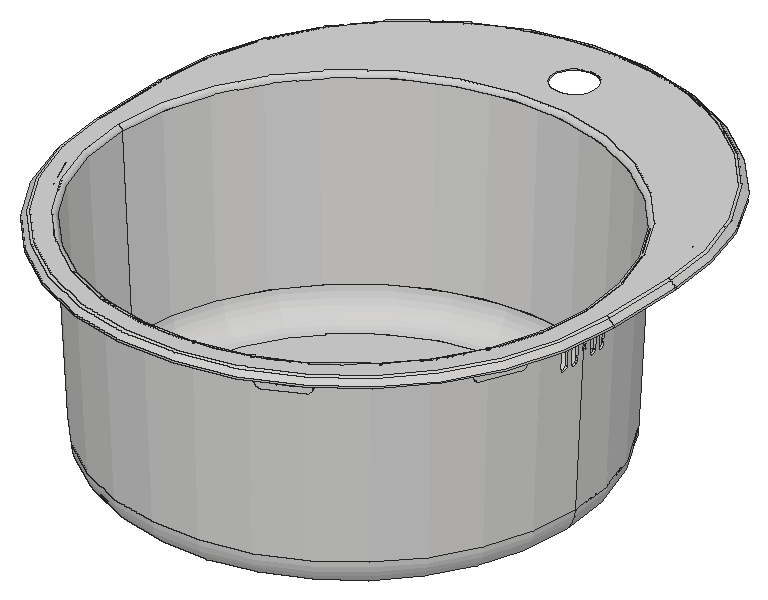
Revit family "Sink-Top_Undermount-Kitchen-KOHLER-EOLIA-K-3046T_1", category Plumbing Fixtures, host Face, Revit 2017
Family settings
  Host = Face
  Round Connector Dimension = Use Diameter
  Part Type = Normal
  OmniClass Number = 23.31.13.00
  OmniClass Title = Sinks
  Cut with Voids When Loaded = No
  Shared = No
  Room Calculation Point = No
Parameters (values of type "NA-Stainless Steel")
  Width = 17 83/256"  # constant formula
  WaterSense Certified = 1 = 0  # no
  Waste Water Outlet = "Waste Water Outlet"  # constant formula
  Waste Connection = 1 = 1  # yes
  Vent Connection = 1 = 0  # no
  Under Mount Height [instance] = if(Under Mount, 1 1/4", 0")  # 0"
  Under Mount [instance] = no
  URL = "http://www.kohler.com.cn/"
  Type = 1
  Top Mount [instance] = not(Under Mount)  # yes
  Product Page URL = ""
  Product Name = "EOLIA\r\n"  # constant formula
  Product Documentation Link = ""
  Model = "K-3046T-S-NA"  # constant formula
  Material = "Stainless Steel"  # constant formula
  Master Format 2014 Name = "Residential Lavatories and Sinks"  # constant formula
  Master Format 2014 = "22 41 16"  # constant formula
  Manufacturer Address = "Kohler Beijing Office (100016) 36-2-03-B, No. 88, Liuxiang Road, Beijing"  # constant formula
  Manufacturer = "KOHLER Co."  # constant formula
  Length = 19 113/128"  # constant formula
  Hot Water Inlet = "Hot Water Inlet"  # constant formula
  Height = 7 79/256"  # constant formula
  HW Connection = 1 = 0  # no
  Finish = Kohler-Metal-NA-Stainless
  Environmental Product Declaration = ""
  Drain Included = 1 = 0  # no
  Description = "ROUND SELF REMMING SINK"  # constant formula
  Default Elevation = 36"
  Declare Label = ""
  Date Modified = "10/29/2020"  # constant formula
  Date Created = "10/29/2020"  # constant formula
  Copyright = "Copyright KOHLER Co."  # constant formula
  Contact Us = "http://www.kohler.com.cn/contact/contact-us/"
  Cold Water Inlet = "Cold Water Inlet"  # constant formula
  CW Connection = 1 = 0  # no
  Assembly Code = "D2010400"
  ADA Compliant = 1 = 0  # no
Reference planes (in)
  plane 1 "Center (Front/Back)": y = 0
  plane 2: z = 0
  plane 3 "Center (Left/Right)": x = 0
  plane 4: y = -3.04285
  plane 5: y = 6.14172
  plane 6: y = -11.69304
  plane 7: z = 0.2525
  plane 8: z = -9.45498
  plane 9: x = -8.6628
  plane 10: y = 8.18977
  plane 11: x = 8.66142
  plane 12 "A": z = 0
  plane 13: z = -7.0561
  plane 14: y = -1.75554
  plane 15: y = 7.4803
  plane 16: y = -10.98426
  plane 17: x = 7.79528
  plane 18: x = -7.79528
  plane 19: y = -11.30279
  plane 20: y = 7.7917
  plane 21: x = 8.26772
  plane 22: x = -8.26772
Forms (in)
  Extrusion 1, void
    sketch origin (0, 0, 0) x (1, 0, 0) y (0, 1, 0)
      loop
        circle (0, -2.95147) r 7.75
    from 1.84834 to -0.9975
  Extrusion 2, void
    sketch origin (0, 0, 0) x (1, 0, 0) y (0, 1, 0)
      loop
        arc (8.66142, -0.47018) -> (0, 8.19124) -> (-8.66142, -0.47018) r 8.66142
        line (-8.66142, -0.47018) -> (-8.66142, -3.0315)
        arc (-8.66142, -3.0315) -> (0, -11.69291) -> (8.66142, -3.0315) r 8.66142
        line (8.66142, -3.0315) -> (8.66142, -0.47018)
    from 0.2525 to -12
Dimensions and locks (in)
  "Length": plane 6 to plane 10
  "Width": plane 9 to plane 11
  plane 10 to plane 5 = 2.04805"
  plane 3 "Center (Left/Right)" to plane 11 = 8.66142"
  plane 1 "Center (Front/Back)" to plane 10 = 8.18977"
  "Under Mount Height": level to plane 12 "A"
  plane 7 to plane 12 "A" = 0.2525"
  locked: plane 7 to plane 8 at 9.70748
  "Height": plane 7 to plane 13
  plane 14 to plane 6 = 9 15/16"
  plane 16 to plane 15 = 18.46457"
  plane 19 to plane 14 = 9.54724"
  aligned and locked: plane 2 to host face
  aligned and locked: level to host face
  aligned and locked: plane 12 "A" to nested 1
  aligned and locked: plane 7 to nested 1
  aligned and locked: Extrusion 2 to nested 1
Automatic sketch dimensions
  host sketch curve to host sketch curve = 96"  (x2)
  Extrusion 2 sketch curve to plane 3 "Center (Left/Right)" = 0"
  Extrusion 2 sketch curve to plane 11 = 0"
  plane 4 to Extrusion 2 sketch curve = 0.01135"
  plane 1 "Center (Front/Back)" to Extrusion 2 sketch curve = 0.47018"
  Extrusion 1 sketch curve to plane 3 "Center (Left/Right)" = 0"
  plane 4 to Extrusion 1 sketch curve = 0.09138"
  radius of Extrusion 1 sketch curve = 7 3/4"
Nested families (in)
  nested 1: "K-3046T" at (0, 0, 0), type "K-3046T"
Connectors (in)
  piping at (0, 0, -9.45498), diameter 1.5, driven by "Waste Connection", driven by "Waste Water Outlet"
    settings: on nested 1, index 1, connector inside diameter 24", connector length 0", flow factor 0, pipe flow 0 GPM, pressure drop 0.00 psi, fitting loss kfactor 0, connector angle 0.00°, fixture units 0, engagement length 0", angle of deflection 0.00°, flow configuration 0, flow direction 2, fitting loss method 0, system type 16, joint type 0, gender type 0, connector reference index -1, connector utility 1, adjustable connector no, is connector primary yes, connector description "Waste Water Outlet"
Definition of nested family "K-3046T"
  Parameters (values of type "K-3046T")
    Material = none
  Reference planes (in)
    plane 1 "Center (Front/Back)": y = 0
    plane 2: z = 0
    plane 3 "Center (Left/Right)": x = 0
    plane 4: x = 8.66142
    plane 5: y = -11.69291
    plane 6: y = -1.75157
    plane 7: y = 8.18977
    plane 8: z = -7.0575
    plane 9: x = -8.66142
    plane 10: y = 6.14172
    plane 11: y = -3.04285
    plane 12: z = -9.45498
    plane 13: z = 0.2525
    plane 14: z = 0
    plane 15: z = -9.32999
  Forms (in)
    Sweep 1, solid, material <- "Material", detail levels medium+fine
      path origin (0, 0, 0) x (1, 0, 0) y (0, 1, 0)
        loop
          circle (0, -3.04285) r 7.82576
      profile origin (0, 4.78291, 0) x (0, -1, 0) y (0, 0, 1)
        loop
          line (0.10545, 0.10068) -> (0.41837, -5.86409)
          arc (0.41837, -5.86409) -> (0.73599, -6.55299) -> (1.44058, -6.83409) r 1.02362
          line (1.44058, -6.83409) -> (5.37759, -6.83409) -> (5.37759, -6.79651) -> (1.44058, -6.79651)
          arc (1.44058, -6.79651) -> (0.76335, -6.52609) -> (0.4581, -5.86383) r 0.98425
          line (0.4581, -5.86383) -> (0.14508, 0.10274)
          arc (0.14508, 0.10274) -> (0.09622, 0.20873) -> (-0.01218, 0.25197) r 0.15748
          line (-0.01218, 0.25197) -> (-0.12445, 0.25197) -> (-0.12445, 0.2126) -> (-0.0125, 0.2126)
          arc (-0.0125, 0.2126) -> (0.0688, 0.18017) -> (0.10545, 0.10068) r 0.11811
    Sweep 2, solid, material <- "Material", detail levels medium+fine
      path origin (0, 0, 0) x (1, 0, 0) y (0, 1, 0)
        loop
          line (8.66142, -3.0315) -> (8.66142, -0.47244)
          arc (8.66142, -0.47244) -> (0, 8.18898) -> (-8.66142, -0.47244) r 8.66142
          line (-8.66142, -0.47244) -> (-8.66142, -3.0315)
          arc (-8.66142, -3.0315) -> (0, -11.69291) -> (8.66142, -3.0315) r 8.66142
      profile origin (0, -11.69291, 0) x (0, -1, 0) y (0, 0, 1)
        loop
          arc (-0.16177, 0.21738) -> (-0.20008, 0.24298) -> (-0.24528, 0.25197) r 0.11811
          line (-0.24528, 0.25197) -> (-0.3937, 0.25197) -> (-0.3937, 0.21325) -> (-0.24587, 0.21325)
          arc (-0.24587, 0.21325) -> (-0.21573, 0.20726) -> (-0.19019, 0.19019) r 0.07874
          line (-0.19019, 0.19019) -> (0, 0) -> (0, 0.05561) -> (-0.16177, 0.21738)
    Extrusion 3, solid, material <- "Material", detail levels medium+fine
      sketch origin (0, 0, 0) x (1, 0, 0) y (0, 1, 0)
        loop
          circle (0, -3.04285) r 2.44817
      from -6.83465 to -6.79651
    Extrusion 4, solid, material <- "Material", detail levels medium+fine
      sketch origin (0, 0, 0) x (1, 0, 0) y (0, 1, 0)
        loop
          circle (0, -3.04285) r 7.95021
        loop
          line (-8.30232, -0.47244) -> (-8.30232, -3.0315)
          arc (-8.30232, -3.0315) -> (0, -11.33381) -> (8.30232, -3.0315) r 8.30232
          line (8.30232, -3.0315) -> (8.30232, -0.47244)
          arc (8.30232, -0.47244) -> (0, 7.82988) -> (-8.30232, -0.47244) r 8.30232
      from 0.2126 to 0.25197
    Revolve 5, solid, material <- "Material", detail levels medium+fine
      sketch origin (0, 0, 0) x (0, 1, 0) y (0, 0, 1)
        loop
          line (0.14563, -6.83409) -> (0.24601, -6.83409)
          arc (0.24601, -6.83409) -> (0.30183, -6.78637) -> (0.26338, -6.7238) r 0.05651
          arc (0.26338, -6.7238) -> (0.13331, -6.69328) -> (0, -6.6844) r 0.81588
          line (0, -6.6844) -> (0, -7.67909) -> (1.39958, -7.67909)
          arc (1.39958, -7.67909) -> (1.47967, -7.64725) -> (1.51604, -7.56912) r 0.11665
          line (1.51604, -7.56912) -> (1.55427, -6.90237)
          arc (1.55427, -6.90237) -> (1.59109, -6.82326) -> (1.67218, -6.79103) r 0.11811
          line (1.67218, -6.79103) -> (1.7515, -6.79103) -> (1.7515, -6.75166) -> (1.67218, -6.75166)
          arc (1.67218, -6.75166) -> (1.56485, -6.79432) -> (1.5161, -6.89904) r 0.15633
          line (1.5161, -6.89904) -> (1.47909, -7.54443)
          arc (1.47909, -7.54443) -> (1.44282, -7.62235) -> (1.36296, -7.6541) r 0.11632
          line (1.36296, -7.6541) -> (0.28125, -7.6541) -> (0.28125, -7.50398) -> (0.14867, -7.50398) -> (0.14867, -7.22746) -> (0.18159, -7.22746) -> (0.18159, -6.9542) -> (0.14563, -6.9542) -> (0.14563, -6.83409)
        axis (0, -6.6844) -> (0, -7.67909)
      angle from 0 to 360
    Extrusion 6, void
      sketch origin (0, 0, 0) x (1, 0, 0) y (0, 1, 0)
        loop
          circle (0, 0) r 1.5748
      from -8.2208 to -5.1286
    Extrusion 7, void
      sketch origin (0, 0, 0) x (1, 0, 0) y (0, 1, 0)
        loop
          circle (0.62492, 0) r 0.09436
        loop
          circle (0.5412, 0.31246) r 0.09436
        loop
          circle (0.31246, 0.5412) r 0.09436
        loop
          circle (0, 0.62492) r 0.09436
        loop
          circle (-0.62492, 0) r 0.09436
        loop
          circle (-0.5412, 0.31246) r 0.09436
        loop
          circle (-0.31246, 0.5412) r 0.09436
        loop
          circle (0.5412, -0.31246) r 0.09436
        loop
          circle (0.31246, -0.5412) r 0.09436
        loop
          circle (0, -0.62492) r 0.09436
        loop
          circle (-0.5412, -0.31246) r 0.09436
        loop
          circle (-0.31246, -0.5412) r 0.09436
        loop
          circle (0.9499, 0) r 0.09556
        loop
          circle (0.90341, 0.29354) r 0.09556
        loop
          circle (0.29354, 0.90341) r 0.09556
        loop
          circle (0.76849, 0.55834) r 0.09556
        loop
          circle (0.55834, 0.76849) r 0.09556
        loop
          circle (0, 0.9499) r 0.09556
        loop
          circle (-0.9499, 0) r 0.09556
        loop
          circle (-0.90341, 0.29354) r 0.09556
        loop
          circle (-0.29354, 0.90341) r 0.09556
        loop
          circle (-0.76849, 0.55834) r 0.09556
        loop
          circle (-0.55834, 0.76849) r 0.09556
        loop
          circle (0.90341, -0.29354) r 0.09556
        loop
          circle (0.29354, -0.90341) r 0.09556
        loop
          circle (0.76849, -0.55834) r 0.09556
        loop
          circle (0.55834, -0.76849) r 0.09556
        loop
          circle (0, -0.9499) r 0.09556
        loop
          circle (-0.90341, -0.29354) r 0.09556
        loop
          circle (-0.29354, -0.90341) r 0.09556
        loop
          circle (-0.76849, -0.55834) r 0.09556
        loop
          circle (-0.55834, -0.76849) r 0.09556
        loop
          circle (1.28057, 0) r 0.09449
        loop
          circle (1.24775, 0.28807) r 0.09449
        loop
          circle (1.15097, 0.56137) r 0.09449
        loop
          circle (1.0015, 0.79465) r 0.09449
        loop
          circle (0.80589, 0.99519) r 0.09449
        loop
          circle (0.28807, 1.24775) r 0.09449
        loop
          circle (0, 1.28057) r 0.09449
        loop
          circle (0.56137, 1.15097) r 0.09449
        loop
          circle (1.24775, -0.28807) r 0.09449
        loop
          circle (1.15097, -0.56137) r 0.09449
        loop
          circle (1.0015, -0.79465) r 0.09449
        loop
          circle (0.80589, -0.99519) r 0.09449
        loop
          circle (0.28807, -1.24775) r 0.09449
        loop
          circle (0, -1.28057) r 0.09449
        loop
          circle (0.56137, -1.15097) r 0.09449
        loop
          circle (-1.28057, 0) r 0.09449
        loop
          circle (-1.24775, 0.28807) r 0.09449
        loop
          circle (-1.15097, 0.56137) r 0.09449
        loop
          circle (-1.0015, 0.79465) r 0.09449
        loop
          circle (-0.80589, 0.99519) r 0.09449
        loop
          circle (-0.28807, 1.24775) r 0.09449
        loop
          circle (-0.56137, 1.15097) r 0.09449
        loop
          circle (-1.24775, -0.28807) r 0.09449
        loop
          circle (-1.15097, -0.56137) r 0.09449
        loop
          circle (-1.0015, -0.79465) r 0.09449
        loop
          circle (-0.80589, -0.99519) r 0.09449
        loop
          circle (-0.28807, -1.24775) r 0.09449
        loop
          circle (-0.56137, -1.15097) r 0.09449
      from -7.98853 to -7.21898
    Revolve 8, solid, material <- "Material", detail levels medium+fine
      sketch origin (0, 0, 0) x (0, 1, 0) y (0, 0, 1)
        loop
          line (2.40517, -6.83409) -> (2.36482, -6.83409) -> (1.73078, -7.00398)
          arc (1.73078, -7.00398) -> (1.63842, -7.06569) -> (1.60271, -7.17088) r 0.17279
          line (1.60271, -7.17088) -> (1.60271, -8.03889)
          arc (1.60271, -8.03889) -> (1.57921, -8.12222) -> (1.51563, -8.181) r 0.15949
          line (1.51563, -8.181) -> (1.0669, -8.40964)
          arc (1.0669, -8.40964) -> (0.91989, -8.54553) -> (0.86555, -8.7382) r 0.36876
          line (0.86555, -8.7382) -> (0.86555, -9.30715)
          arc (0.86555, -9.30715) -> (0.84532, -9.356) -> (0.79647, -9.37624) r 0.06908
          line (0.79647, -9.37624) -> (0, -9.37624) -> (0, -9.45498) -> (0.79767, -9.45498)
          arc (0.79767, -9.45498) -> (0.90135, -9.41203) -> (0.94429, -9.30835) r 0.14662
          line (0.94429, -9.30835) -> (0.94429, -8.7382)
          arc (0.94429, -8.7382) -> (0.98703, -8.58667) -> (1.10265, -8.47979) r 0.29002
          line (1.10265, -8.47979) -> (1.55138, -8.25115)
          arc (1.55138, -8.25115) -> (1.64635, -8.16337) -> (1.68145, -8.03889) r 0.23823
          line (1.68145, -8.03889) -> (1.68145, -7.17088)
          arc (1.68145, -7.17088) -> (1.70089, -7.11363) -> (1.75116, -7.08003) r 0.09405
          line (1.75116, -7.08003) -> (2.25427, -6.94523)
          arc (2.25427, -6.94523) -> (2.34021, -6.90389) -> (2.40517, -6.83409) r 0.25714
        axis (0, -6.83409) -> (0, -9.45498)
      angle from 0 to 360
    Extrusion 9, void
      sketch origin (0, 0, 0) x (1, 0, 0) y (0, 1, 0)
        loop
          circle (0, 6.14172) r 0.68898
      from 0 to 1.9685
    Extrusion 10, void
      sketch origin (0, 0, 0) x (0, 1, 0) y (0, 0, 1)
        loop
          line (-3.93701, -0.65298) -> (-3.93701, -1.20416)
          arc (-3.93701, -1.20416) -> (-3.8189, -1.32228) -> (-3.70079, -1.20416) r 0.11811
          line (-3.70079, -1.20416) -> (-3.70079, -0.65298)
          arc (-3.70079, -0.65298) -> (-3.8189, -0.53487) -> (-3.93701, -0.65298) r 0.11811
        loop
          line (-3.54331, -0.65298) -> (-3.54331, -1.20416)
          arc (-3.54331, -1.20416) -> (-3.4252, -1.32228) -> (-3.30709, -1.20416) r 0.11811
          line (-3.30709, -1.20416) -> (-3.30709, -0.65298)
          arc (-3.30709, -0.65298) -> (-3.4252, -0.53487) -> (-3.54331, -0.65298) r 0.11811
        loop
          circle (-3.04285, -0.92967) r 0.09843
        loop
          arc (-2.14869, -0.65298) -> (-2.2668, -0.53487) -> (-2.38491, -0.65298) r 0.11811
          line (-2.38491, -0.65298) -> (-2.38491, -1.20416)
          arc (-2.38491, -1.20416) -> (-2.2668, -1.32228) -> (-2.14869, -1.20416) r 0.11811
          line (-2.14869, -1.20416) -> (-2.14869, -0.65298)
        loop
          arc (-2.54239, -0.65298) -> (-2.6605, -0.53487) -> (-2.77861, -0.65298) r 0.11811
          line (-2.77861, -0.65298) -> (-2.77861, -1.20416)
          arc (-2.77861, -1.20416) -> (-2.6605, -1.32228) -> (-2.54239, -1.20416) r 0.11811
          line (-2.54239, -1.20416) -> (-2.54239, -0.65298)
      from 6.90604 to 9.47475
    Extrusion 11, solid, material <- "Material", detail levels medium+fine
      sketch origin (-2.70739, 2.55391, 0) x (-0.388871, 0.921292, 0) y (0, 0, 1)
        loop
          line (-5.41122, -0.34885) -> (-5.41122, 0.21325) -> (-6.98602, 0.21325) -> (-6.98602, -0.34834)
          arc (-6.98602, -0.34834) -> (-6.93139, -0.48024) -> (-6.79948, -0.53487) r 0.18654
          line (-6.79948, -0.53487) -> (-5.59724, -0.53487)
          arc (-5.59724, -0.53487) -> (-5.4657, -0.48039) -> (-5.41122, -0.34885) r 0.18602
        loop
          line (-5.95529, -0.18054) -> (-6.33025, -0.18054)
          arc (-6.33025, -0.18054) -> (-6.42867, -0.27897) -> (-6.33025, -0.37739) r 0.09843
          line (-6.33025, -0.37739) -> (-5.95529, -0.37739)
          arc (-5.95529, -0.37739) -> (-5.85686, -0.27897) -> (-5.95529, -0.18054) r 0.09843
      from -7.69423 to -7.66274
    Extrusion 12, solid, material <- "Material", detail levels medium+fine
      sketch origin (5.73819, -0.64975, 0) x (0.902065, 0.4316, 0) y (0, 0, -1)
        loop
          arc (-5.41122, 0.34885) -> (-5.4657, 0.48039) -> (-5.59724, 0.53487) r 0.18602
          line (-5.59724, 0.53487) -> (-6.79948, 0.53487)
          arc (-6.79948, 0.53487) -> (-6.93139, 0.48024) -> (-6.98602, 0.34834) r 0.18654
          line (-6.98602, 0.34834) -> (-6.98602, -0.21325) -> (-5.41122, -0.21325) -> (-5.41122, 0.34885)
        loop
          arc (-5.95529, 0.18054) -> (-5.85686, 0.27897) -> (-5.95529, 0.37739) r 0.09843
          line (-5.95529, 0.37739) -> (-6.33025, 0.37739)
          arc (-6.33025, 0.37739) -> (-6.42867, 0.27897) -> (-6.33025, 0.18054) r 0.09843
          line (-6.33025, 0.18054) -> (-5.95529, 0.18054)
      from -7.69423 to -7.66274
    Extrusion 13, solid, material <- "Material", detail levels medium+fine
      sketch origin (-5.73819, -0.64975, 0) x (-0.902065, 0.4316, 0) y (0, 0, 1)
        loop
          line (-5.41122, -0.34885) -> (-5.41122, 0.21325) -> (-6.98602, 0.21325) -> (-6.98602, -0.34834)
          arc (-6.98602, -0.34834) -> (-6.93139, -0.48024) -> (-6.79948, -0.53487) r 0.18654
          line (-6.79948, -0.53487) -> (-5.59724, -0.53487)
          arc (-5.59724, -0.53487) -> (-5.4657, -0.48039) -> (-5.41122, -0.34885) r 0.18602
        loop
          line (-5.95529, -0.18054) -> (-6.33025, -0.18054)
          arc (-6.33025, -0.18054) -> (-6.42867, -0.27897) -> (-6.33025, -0.37739) r 0.09843
          line (-6.33025, -0.37739) -> (-5.95529, -0.37739)
          arc (-5.95529, -0.37739) -> (-5.85686, -0.27897) -> (-5.95529, -0.18054) r 0.09843
      from -7.69423 to -7.66274
    Extrusion 14, solid, material <- "Material", detail levels medium+fine
      sketch origin (-5.67614, -3.13101, 0) x (-0.881558, -0.472075, 0) y (0, 0, -1)
        loop
          arc (-5.41122, 0.34885) -> (-5.4657, 0.48039) -> (-5.59724, 0.53487) r 0.18602
          line (-5.59724, 0.53487) -> (-6.79948, 0.53487)
          arc (-6.79948, 0.53487) -> (-6.93139, 0.48024) -> (-6.98602, 0.34834) r 0.18654
          line (-6.98602, 0.34834) -> (-6.98602, -0.21325) -> (-5.41122, -0.21325) -> (-5.41122, 0.34885)
        loop
          arc (-5.95529, 0.18054) -> (-5.85686, 0.27897) -> (-5.95529, 0.37739) r 0.09843
          line (-5.95529, 0.37739) -> (-6.33025, 0.37739)
          arc (-6.33025, 0.37739) -> (-6.42867, 0.27897) -> (-6.33025, 0.18054) r 0.09843
          line (-6.33025, 0.18054) -> (-5.95529, 0.18054)
      from -7.69423 to -7.66274
    Extrusion 15, solid, material <- "Material", detail levels medium+fine
      sketch origin (5.67614, -3.13101, 0) x (0.881558, -0.472075, 0) y (0, 0, 1)
        loop
          line (-5.41122, -0.34885) -> (-5.41122, 0.21325) -> (-6.98602, 0.21325) -> (-6.98602, -0.34834)
          arc (-6.98602, -0.34834) -> (-6.93139, -0.48024) -> (-6.79948, -0.53487) r 0.18654
          line (-6.79948, -0.53487) -> (-5.59724, -0.53487)
          arc (-5.59724, -0.53487) -> (-5.4657, -0.48039) -> (-5.41122, -0.34885) r 0.18602
        loop
          line (-5.95529, -0.18054) -> (-6.33025, -0.18054)
          arc (-6.33025, -0.18054) -> (-6.42867, -0.27897) -> (-6.33025, -0.37739) r 0.09843
          line (-6.33025, -0.37739) -> (-5.95529, -0.37739)
          arc (-5.95529, -0.37739) -> (-5.85686, -0.27897) -> (-5.95529, -0.18054) r 0.09843
      from -7.69423 to -7.66274
    Extrusion 16, solid, material <- "Material", detail levels medium+fine
      sketch origin (2.70739, 2.55391, 0) x (0.388871, 0.921292, 0) y (0, 0, -1)
        loop
          arc (-5.41122, 0.34885) -> (-5.4657, 0.48039) -> (-5.59724, 0.53487) r 0.18602
          line (-5.59724, 0.53487) -> (-6.79948, 0.53487)
          arc (-6.79948, 0.53487) -> (-6.93139, 0.48024) -> (-6.98602, 0.34834) r 0.18654
          line (-6.98602, 0.34834) -> (-6.98602, -0.21325) -> (-5.41122, -0.21325) -> (-5.41122, 0.34885)
        loop
          arc (-5.95529, 0.18054) -> (-5.85686, 0.27897) -> (-5.95529, 0.37739) r 0.09843
          line (-5.95529, 0.37739) -> (-6.33025, 0.37739)
          arc (-6.33025, 0.37739) -> (-6.42867, 0.27897) -> (-6.33025, 0.18054) r 0.09843
          line (-6.33025, 0.18054) -> (-5.95529, 0.18054)
      from -7.69423 to -7.66274
    Extrusion 17, solid, material <- "Material", detail levels medium+fine
      sketch origin (1.91822, -6.24042, 0) x (0.265217, -0.964189, 0) y (0, 0, 1)
        loop
          line (-5.41122, -0.34885) -> (-5.41122, 0.21325) -> (-6.98602, 0.21325) -> (-6.98602, -0.34834)
          arc (-6.98602, -0.34834) -> (-6.93139, -0.48024) -> (-6.79948, -0.53487) r 0.18654
          line (-6.79948, -0.53487) -> (-5.59724, -0.53487)
          arc (-5.59724, -0.53487) -> (-5.4657, -0.48039) -> (-5.41122, -0.34885) r 0.18602
        loop
          line (-5.95529, -0.18054) -> (-6.33025, -0.18054)
          arc (-6.33025, -0.18054) -> (-6.42867, -0.27897) -> (-6.33025, -0.37739) r 0.09843
          line (-6.33025, -0.37739) -> (-5.95529, -0.37739)
          arc (-5.95529, -0.37739) -> (-5.85686, -0.27897) -> (-5.95529, -0.18054) r 0.09843
      from -7.69423 to -7.66274
    Extrusion 18, solid, material <- "Material", detail levels medium+fine
      sketch origin (-1.91822, -6.24042, 0) x (-0.265217, -0.964189, 0) y (0, 0, -1)
        loop
          arc (-5.41122, 0.34885) -> (-5.4657, 0.48039) -> (-5.59724, 0.53487) r 0.18602
          line (-5.59724, 0.53487) -> (-6.79948, 0.53487)
          arc (-6.79948, 0.53487) -> (-6.93139, 0.48024) -> (-6.98602, 0.34834) r 0.18654
          line (-6.98602, 0.34834) -> (-6.98602, -0.21325) -> (-5.41122, -0.21325) -> (-5.41122, 0.34885)
        loop
          arc (-5.95529, 0.18054) -> (-5.85686, 0.27897) -> (-5.95529, 0.37739) r 0.09843
          line (-5.95529, 0.37739) -> (-6.33025, 0.37739)
          arc (-6.33025, 0.37739) -> (-6.42867, 0.27897) -> (-6.33025, 0.18054) r 0.09843
          line (-6.33025, 0.18054) -> (-5.95529, 0.18054)
      from -7.69423 to -7.66274
    Revolve 19, solid, material <- "Material", detail levels coarse
      sketch origin (0, 0, 0) x (0, 1, 0) y (0, 0, 1)
        loop
          line (-2.95147, -7.20725) -> (-2.95147, -6.41985) -> (-9.82134, -6.41985)
          arc (-9.82134, -6.41985) -> (-10.21579, -6.2688) -> (-10.40846, -5.89291) r 0.59055
          arc (-10.40846, -5.89291) -> (-10.64716, -2.95075) -> (-10.7268, 0) r 54.702
          line (-10.7268, 0) -> (-11.00635, 0) -> (-10.68729, -6.08796)
          arc (-10.68729, -6.08796) -> (-10.32083, -6.88289) -> (-9.50781, -7.20725) r 1.1811
          line (-9.50781, -7.20725) -> (-2.95147, -7.20725)
        axis (-2.95147, 0) -> (-2.95147, -7.20725)
      angle from 0 to 360
    Revolve 20, solid, material <- "Material", detail levels coarse
      sketch origin (0, 0, 0) x (0, 1, 0) y (0, 0, 1)
        loop
          line (0, -9.45498) -> (0, -9.38086) -> (-0.88702, -9.38086)
          arc (-0.88702, -9.38086) -> (-0.95454, -9.35289) -> (-0.98251, -9.28538) r 0.09548
          line (-0.98251, -9.28538) -> (-0.98251, -9.04114)
          arc (-0.98251, -9.04114) -> (-1.05813, -8.73209) -> (-1.26791, -8.49289) r 0.66929
          line (-1.26791, -8.49289) -> (-1.63155, -8.23826)
          arc (-1.63155, -8.23826) -> (-1.73027, -8.12569) -> (-1.76586, -7.98026) r 0.31496
          line (-1.76586, -7.98026) -> (-1.76586, -7.15932) -> (-1.8446, -7.15932) -> (-1.8446, -7.98026)
          arc (-1.8446, -7.98026) -> (-1.80012, -8.16205) -> (-1.67672, -8.30276) r 0.3937
          line (-1.67672, -8.30276) -> (-1.31307, -8.55739)
          arc (-1.31307, -8.55739) -> (-1.12798, -8.76845) -> (-1.06125, -9.04114) r 0.59055
          line (-1.06125, -9.04114) -> (-1.06125, -9.38503)
          arc (-1.06125, -9.38503) -> (-1.04076, -9.43449) -> (-0.99131, -9.45498) r 0.06994
          line (-0.99131, -9.45498) -> (0, -9.45498)
        axis (0, -7.15932) -> (0, -9.45498)
      angle from 0 to 360
    Extrusion 21, solid, material <- "Material", detail levels coarse
      sketch origin (0, 0, 0) x (1, 0, 0) y (0, 1, 0)
        loop
          arc (8.66142, -0.47244) -> (0, 8.18898) -> (-8.66142, -0.47244) r 8.66142
          line (-8.66142, -0.47244) -> (-8.66142, -3.0315)
          arc (-8.66142, -3.0315) -> (0, -11.69291) -> (8.66142, -3.0315) r 8.66142
          line (8.66142, -3.0315) -> (8.66142, -0.47244)
        loop
          circle (0, -2.95147) r 7.77533
      from 0 to 0.25221
    Extrusion 22, solid, material <- "Material", detail levels medium+fine
      sketch origin (0, 0, 0) x (1, 0, 0) y (0, 1, 0)
        loop
          circle (0, 0) r 0.75
      from -9.45498 to -9.37008
  Cuts and joins
    Extrusion 6, Extrusion 9, Extrusion 10 cuts Sweep 1
    Extrusion 6, Extrusion 9 cuts Extrusion 3
    Extrusion 9, Extrusion 10 cuts Extrusion 4
    Extrusion 6 cuts Revolve 8
    joined: Sweep 1, Sweep 2, Extrusion 3, Extrusion 4, Revolve 8, Extrusion 11, Extrusion 12, Extrusion 13, Extrusion 14, Extrusion 15, Extrusion 16, Extrusion 17, Extrusion 18, Extrusion 22
    Extrusion 7 cuts Revolve 5
    Extrusion 9 cuts Extrusion 21
    joined: Revolve 19, Revolve 20, Extrusion 21
  Lines and regions (in)
    Masking region 1
      outline origin (0, 0, 0) x (1, 0, 0) y (0, 1, 0)
        loop
          line (-8.66142, -0.47018) -> (-8.66142, -3.0315)
          arc (-8.66142, -3.0315) -> (0, -11.69291) -> (8.66142, -3.0315) r 8.66142
          line (8.66142, -3.0315) -> (8.66142, -0.47018)
          arc (8.66142, -0.47018) -> (0, 8.19124) -> (-8.66142, -0.47018) r 8.66142
    Masking region 2
      outline origin (0, 0, 0) x (0, 1, 0) y (0, 0, 1)
        loop
          line (6.25575, -0.53487) -> (6.84875, -0.53487)
          arc (6.84875, -0.53487) -> (6.88858, -0.51599) -> (6.91478, -0.48054) r 0.09055
          arc (6.91478, -0.48054) -> (6.93586, -0.41066) -> (6.94297, -0.33802) r 0.37433
          line (6.94297, -0.33802) -> (6.94297, 0) -> (8.18977, 0) -> (8.18977, 0.05482) -> (8.02668, 0.2179)
          arc (8.02668, 0.2179) -> (7.98837, 0.24351) -> (7.94317, 0.2525) r 0.11811
          line (7.94317, 0.2525) -> (-11.44631, 0.2525)
          arc (-11.44631, 0.2525) -> (-11.49151, 0.24351) -> (-11.52983, 0.2179) r 0.11811
          line (-11.52983, 0.2179) -> (-11.69291, 0.05482) -> (-11.69291, 0) -> (-10.75746, 0) -> (-10.46284, -5.62164)
          arc (-10.46284, -5.62164) -> (-10.16067, -6.30783) -> (-9.47949, -6.62112) r 1.0573
          line (-9.47949, -6.62112) -> (-2.40517, -6.83409)
          arc (-2.40517, -6.83409) -> (-2.33458, -6.86772) -> (-2.28063, -6.92431) r 0.21563
          arc (-2.28063, -6.92431) -> (-2.23719, -6.96803) -> (-2.18001, -6.99104) r 0.15288
          line (-2.18001, -6.99104) -> (-1.81102, -7.05807)
          arc (-1.81102, -7.05807) -> (-1.72459, -7.10487) -> (-1.68262, -7.19375) r 0.15784
          line (-1.68262, -7.19375) -> (-1.68262, -8.04175)
          arc (-1.68262, -8.04175) -> (-1.65474, -8.15247) -> (-1.57777, -8.2368) r 0.23384
          line (-1.57777, -8.2368) -> (-1.10931, -8.47549)
          arc (-1.10931, -8.47549) -> (-0.97934, -8.59766) -> (-0.93525, -8.7705) r 0.31912
          line (-0.93525, -8.7705) -> (-0.93525, -9.34449) -> (-0.8392, -9.45498) -> (0.8392, -9.45498) -> (0.93525, -9.34449) -> (0.93525, -8.7705)
          arc (0.93525, -8.7705) -> (0.97934, -8.59766) -> (1.10931, -8.47549) r 0.31912
          line (1.10931, -8.47549) -> (1.57777, -8.2368)
          arc (1.57777, -8.2368) -> (1.65474, -8.15247) -> (1.68262, -8.04175) r 0.23384
          line (1.68262, -8.04175) -> (1.68262, -7.19375)
          arc (1.68262, -7.19375) -> (1.72459, -7.10487) -> (1.81102, -7.05807) r 0.15784
          line (1.81102, -7.05807) -> (2.18001, -6.99104)
          arc (2.18001, -6.99104) -> (2.23719, -6.96803) -> (2.28063, -6.92431) r 0.15288
          arc (2.28063, -6.92431) -> (2.33458, -6.86772) -> (2.40517, -6.83409) r 0.21563
          line (2.40517, -6.83409) -> (3.40057, -6.79718)
          arc (3.40057, -6.79718) -> (4.06756, -6.49814) -> (4.36429, -5.83012) r 1.02215
          line (4.36429, -5.83012) -> (4.66983, 0) -> (6.16152, 0) -> (6.16152, -0.33802)
          arc (6.16152, -0.33802) -> (6.16864, -0.41066) -> (6.18972, -0.48054) r 0.37433
          arc (6.18972, -0.48054) -> (6.21592, -0.51599) -> (6.25575, -0.53487) r 0.09055
    Masking region 3
      outline origin (0, 0, 0) x (1, 0, 0) y (0, 0, 1)
        loop
          line (-8.66142, 0.05568) -> (-8.66142, 0) -> (-7.90177, 0) -> (-7.90177, -0.37071)
          arc (-7.90177, -0.37071) -> (-7.89452, -0.44537) -> (-7.87304, -0.51723) r 0.38793
          arc (-7.87304, -0.51723) -> (-7.86293, -0.52984) -> (-7.84757, -0.53487) r 0.02837
          line (-7.84757, -0.53487) -> (-7.67541, -0.53487) -> (-7.40294, -5.73404)
          arc (-7.40294, -5.73404) -> (-7.13987, -6.36955) -> (-6.53565, -6.69815) r 1.0309
          arc (-6.53565, -6.69815) -> (-6.26799, -6.7309) -> (-5.99867, -6.74419) r 3.72204
          line (-5.99867, -6.74419) -> (-2.39718, -6.83409)
          arc (-2.39718, -6.83409) -> (-2.32968, -6.87075) -> (-2.27764, -6.92724) r 0.23475
          arc (-2.27764, -6.92724) -> (-2.235, -6.96962) -> (-2.17887, -6.99112) r 0.14537
          line (-2.17887, -6.99112) -> (-1.77603, -7.06598)
          arc (-1.77603, -7.06598) -> (-1.70819, -7.10578) -> (-1.68146, -7.17975) r 0.11572
          line (-1.68146, -7.17975) -> (-1.68146, -8.04292)
          arc (-1.68146, -8.04292) -> (-1.64752, -8.16325) -> (-1.55571, -8.24811) r 0.23029
          line (-1.55571, -8.24811) -> (-1.12473, -8.46771)
          arc (-1.12473, -8.46771) -> (-0.98613, -8.59583) -> (-0.93489, -8.77749) r 0.34767
          line (-0.93489, -8.77749) -> (-0.93489, -9.32999)
          arc (-0.93489, -9.32999) -> (-0.89829, -9.41837) -> (-0.80991, -9.45498) r 0.12499
          line (-0.80991, -9.45498) -> (0.80991, -9.45498)
          arc (0.80991, -9.45498) -> (0.89829, -9.41837) -> (0.93489, -9.32999) r 0.12499
          line (0.93489, -9.32999) -> (0.93489, -8.77749)
          arc (0.93489, -8.77749) -> (0.98613, -8.59583) -> (1.12473, -8.46771) r 0.34767
          line (1.12473, -8.46771) -> (1.55571, -8.24811)
          arc (1.55571, -8.24811) -> (1.64752, -8.16325) -> (1.68146, -8.04292) r 0.23029
          line (1.68146, -8.04292) -> (1.68146, -7.17975)
          arc (1.68146, -7.17975) -> (1.70819, -7.10578) -> (1.77603, -7.06598) r 0.11572
          line (1.77603, -7.06598) -> (2.17887, -6.99112)
          arc (2.17887, -6.99112) -> (2.235, -6.96962) -> (2.27764, -6.92724) r 0.14537
          arc (2.27764, -6.92724) -> (2.32968, -6.87075) -> (2.39718, -6.83409) r 0.23475
          line (2.39718, -6.83409) -> (5.99867, -6.74419)
          arc (5.99867, -6.74419) -> (6.26799, -6.7309) -> (6.53565, -6.69815) r 3.72204
          arc (6.53565, -6.69815) -> (7.13987, -6.36955) -> (7.40294, -5.73404) r 1.0309
          line (7.40294, -5.73404) -> (7.67541, -0.53487) -> (7.84757, -0.53487)
          arc (7.84757, -0.53487) -> (7.86293, -0.52984) -> (7.87304, -0.51723) r 0.02837
          arc (7.87304, -0.51723) -> (7.89452, -0.44537) -> (7.90177, -0.37071) r 0.38793
          line (7.90177, -0.37071) -> (7.90177, 0) -> (8.66142, 0) -> (8.66142, 0.05568) -> (8.49919, 0.2179)
          arc (8.49919, 0.2179) -> (8.46087, 0.24351) -> (8.41567, 0.2525) r 0.11811
          line (8.41567, 0.2525) -> (-8.41567, 0.2525)
          arc (-8.41567, 0.2525) -> (-8.46087, 0.24351) -> (-8.49919, 0.2179) r 0.11811
          line (-8.49919, 0.2179) -> (-8.66142, 0.05568)
    symbolic lines, detail levels medium+fine
      curve 1: arc (-8.30232, -0.47244, 0) -> (0, 7.82988, 0) -> (8.30232, -0.47244, 0) r 8.30232
      curve 2: arc (8.30232, -3.0315, 0) -> (0, -11.33381, 0) -> (-8.30232, -3.0315, 0) r 8.30232
      curve 3: line (-8.30232, -0.47244, 0) -> (-8.30232, -3.0315, 0)
      curve 4: line (8.30232, -3.0315, 0) -> (8.30232, -0.47244, 0)
      curve 5: circle (0, 0, 0) r 1.7515 normal (0, 0, 1)
      curve 6: circle (0, 0, 0) r 0.305 normal (0, 0, 1)
      curve 7: circle (0, 0, 0) r 2.36482 normal (0, 0, 1)
      curve 8: line (-8.41564, -0.47244, 0) -> (-8.41564, -3.0315, 0)
      curve 9: line (8.41564, -3.0315, 0) -> (8.41564, -0.47244, 0)
      curve 10: arc (8.41564, -3.0315, 0) -> (0, -11.44714, 0) -> (-8.41564, -3.0315, 0) r 8.41564
      curve 11: circle (0, -3.04285, 0) r 6.41163 normal (0, 0, 1)
      curve 13: circle (0, -3.04285, 0) r 7.67717 normal (0, 0, 1)
      curve 14: circle (0, -3.04285, 0) r 7.82708 normal (0, 0, 1)
      curve 15: arc (-8.41564, -0.47244, 0) -> (0, 7.9432, 0) -> (8.41564, -0.47244, 0) r 8.41564
      curve 16: spline (7.60752, -2.77852, 0) -> (7.60571, -2.77467, 0) -> (7.60362, -2.76322, 0) -> (7.6014, -2.74493, 0) -> (7.5992, -2.72103, 0) -> (7.59715, -2.6931, 0) -> (7.59539, -2.663, 0) -> (7.59405, -2.63272, 0) -> (7.5932, -2.60428, 0) -> (7.59292, -2.57957, 0) -> (7.59321, -2.56024, 0) -> (7.59405, -2.54756, 0) -> (7.5954, -2.54239, 0)
      curve 17: line (7.66084, -2.54239, 0) -> (7.5954, -2.54239, 0)
      curve 18: line (7.60752, -2.77861, 0) -> (7.67262, -2.77861, 0)
      curve 19: spline (7.62135, -3.04285, 0) -> (7.6213, -3.03023, 0) -> (7.62134, -3.01783, 0) -> (7.62147, -3.00583, 0) -> (7.62168, -2.99445, 0) -> (7.62197, -2.98386, 0) -> (7.62234, -2.97425, 0) -> (7.62277, -2.96577, 0) -> (7.62327, -2.95856, 0) -> (7.62383, -2.95275, 0) -> (7.62443, -2.94841, 0) -> (7.62506, -2.94564, 0) -> (7.62572, -2.94447, 0)
      curve 20: spline (7.62572, -2.94447, 0) -> (7.62649, -2.94498, 0) -> (7.62725, -2.94723, 0) -> (7.62798, -2.95117, 0) -> (7.62867, -2.95673, 0) -> (7.62932, -2.96382, 0) -> (7.62991, -2.9723, 0) -> (7.63042, -2.98204, 0) -> (7.63086, -2.99285, 0) -> (7.63121, -3.00455, 0) -> (7.63146, -3.01693, 0) -> (7.63162, -3.02977, 0) -> (7.63167, -3.04284, 0)
      curve 21: spline (7.63167, -3.04284, 0) -> (7.63156, -3.05585, 0) -> (7.63135, -3.06863, 0) -> (7.63106, -3.08095, 0) -> (7.63068, -3.09261, 0) -> (7.63023, -3.10339, 0) -> (7.62971, -3.11311, 0) -> (7.62914, -3.1216, 0) -> (7.62852, -3.12871, 0) -> (7.62786, -3.13431, 0) -> (7.62717, -3.13831, 0) -> (7.62648, -3.14064, 0) -> (7.62578, -3.14124, 0)
      curve 22: spline (7.62578, -3.14124, 0) -> (7.6252, -3.14016, 0) -> (7.62463, -3.13745, 0) -> (7.62408, -3.13317, 0) -> (7.62356, -3.12739, 0) -> (7.62308, -3.12019, 0) -> (7.62264, -3.11171, 0) -> (7.62226, -3.10208, 0) -> (7.62194, -3.09147, 0) -> (7.62168, -3.08004, 0) -> (7.6215, -3.06799, 0) -> (7.62139, -3.05553, 0) -> (7.62135, -3.04285, 0)
      curve 23: line (7.62588, -2.94443, 0) -> (7.67653, -2.94443, 0)
      curve 24: line (7.62588, -3.14126, 0) -> (7.67653, -3.14126, 0)
      curve 25: spline (7.59539, -3.54331, 0) -> (7.59402, -3.53813, 0) -> (7.59315, -3.52545, 0) -> (7.59284, -3.50612, 0) -> (7.59311, -3.48141, 0) -> (7.59394, -3.45297, 0) -> (7.59528, -3.42269, 0) -> (7.59704, -3.39259, 0) -> (7.5991, -3.36466, 0) -> (7.60133, -3.34076, 0) -> (7.60357, -3.32247, 0) -> (7.60568, -3.31103, 0) -> (7.60752, -3.30718, 0)
      curve 26: line (7.67262, -3.30709, 0) -> (7.60752, -3.30709, 0)
      curve 27: line (7.59539, -3.54331, 0) -> (7.66084, -3.54331, 0)
      curve 28: spline (7.55904, -3.93701, 0) -> (7.558, -3.93118, 0) -> (7.55784, -3.91802, 0) -> (7.55857, -3.89839, 0) -> (7.56015, -3.87357, 0) -> (7.56247, -3.8452, 0) -> (7.56539, -3.81511, 0) -> (7.56871, -3.78529, 0) -> (7.57221, -3.75768, 0) -> (7.57566, -3.73408, 0) -> (7.57885, -3.71604, 0) -> (7.58156, -3.70474, 0) -> (7.58361, -3.70092, 0)
      curve 29: line (7.64892, -3.70079, 0) -> (7.58362, -3.70079, 0)
      curve 30: line (7.55904, -3.93701, 0) -> (7.62492, -3.93701, 0)
      curve 31: spline (7.55904, -2.14869, 0) -> (7.558, -2.15452, 0) -> (7.55784, -2.16768, 0) -> (7.55857, -2.18731, 0) -> (7.56015, -2.21212, 0) -> (7.56247, -2.2405, 0) -> (7.56539, -2.27058, 0) -> (7.56871, -2.3004, 0) -> (7.57221, -2.32802, 0) -> (7.57566, -2.35161, 0) -> (7.57885, -2.36965, 0) -> (7.58156, -2.38095, 0) -> (7.58361, -2.38477, 0)
      curve 32: line (7.64892, -2.38491, 0) -> (7.58362, -2.38491, 0)
      curve 33: line (7.55904, -2.14869, 0) -> (7.62492, -2.14869, 0)
      curve 34: line (0, -9.47949, -6.62112) -> (0, 2.71215, -6.8227)
      curve 35: line (0, -0.93525, -8.7705) -> (0, 0.93525, -8.7705)
      curve 36: line (0, 1.2033, -0.53487) -> (0, 2.34571, -0.53487)
      curve 37: line (0, 2.53464, -0.33802) -> (0, 2.53464, 0)
      curve 38: line (0, 1.01437, 0) -> (0, 1.01437, -0.33802)
      curve 39: arc (0, 2.34571, -0.53487) -> (0, 2.47976, -0.47445) -> (0, 2.53464, -0.33802) r 0.19702
      curve 40: arc (0, 1.01437, -0.33802) -> (0, 1.06924, -0.47445) -> (0, 1.2033, -0.53487) r 0.19702
      curve 41: line (0, 1.96785, -0.18054) -> (0, 1.58115, -0.18054)
      curve 42: line (0, 1.58115, -0.37739) -> (0, 1.96785, -0.37739)
      curve 43: arc (0, 1.96785, -0.37739) -> (0, 2.06628, -0.27897) -> (0, 1.96785, -0.18054) r 0.09843
      curve 44: arc (0, 1.58115, -0.18054) -> (0, 1.48273, -0.27897) -> (0, 1.58115, -0.37739) r 0.09843
      curve 45: line (0, -2.38491, -0.65298) -> (0, -2.38491, -1.20416)
      curve 46: line (0, -2.14869, -1.20416) -> (0, -2.14869, -0.65298)
      curve 47: line (0, -2.54239, -1.20416) -> (0, -2.54239, -0.65298)
      curve 48: line (0, -2.77861, -0.65298) -> (0, -2.77861, -1.20416)
      curve 49: arc (0, -2.54239, -0.65298) -> (0, -2.6605, -0.53487) -> (0, -2.77861, -0.65298) r 0.11811
      curve 50: arc (0, -2.77861, -1.20416) -> (0, -2.6605, -1.32228) -> (0, -2.54239, -1.20416) r 0.11811
      curve 51: arc (0, -2.38491, -1.20416) -> (0, -2.2668, -1.32228) -> (0, -2.14869, -1.20416) r 0.11811
      curve 52: arc (0, -2.14869, -0.65298) -> (0, -2.2668, -0.53487) -> (0, -2.38491, -0.65298) r 0.11811
      curve 53: line (0, -3.70079, -0.65298) -> (0, -3.70079, -1.20416)
      curve 54: line (0, -3.93701, -1.20416) -> (0, -3.93701, -0.65298)
      curve 55: line (0, -3.54331, -1.20416) -> (0, -3.54331, -0.65298)
      curve 56: line (0, -3.30709, -0.65298) -> (0, -3.30709, -1.20416)
      curve 57: arc (0, -3.54331, -0.65298) -> (0, -3.4252, -0.53487) -> (0, -3.30709, -0.65298) r 0.11811
      curve 58: arc (0, -3.30709, -1.20416) -> (0, -3.4252, -1.32228) -> (0, -3.54331, -1.20416) r 0.11811
      curve 59: arc (0, -3.70079, -1.20416) -> (0, -3.8189, -1.32228) -> (0, -3.93701, -1.20416) r 0.11811
      curve 60: arc (0, -3.93701, -0.65298) -> (0, -3.8189, -0.53487) -> (0, -3.70079, -0.65298) r 0.11811
      curve 61: circle (0, -3.04285, -0.92967) r 0.09843 normal (1, 0, 0)
      curve 62: line (0, -5.41122, -0.33802) -> (0, -5.41122, 0)
      curve 63: line (0, -6.87432, 0) -> (0, -6.87432, -0.33802)
      curve 64: line (0, -6.69296, -0.53487) -> (0, -5.59257, -0.53487)
      curve 65: arc (0, -5.59257, -0.53487) -> (0, -5.46347, -0.47185) -> (0, -5.41122, -0.33802) r 0.19751
      curve 66: arc (0, -6.87432, -0.33802) -> (0, -6.82207, -0.47185) -> (0, -6.69296, -0.53487) r 0.19751
      curve 67: line (0, -5.95529, -0.18054) -> (0, -6.33025, -0.18054)
      curve 68: line (0, -6.33025, -0.37739) -> (0, -5.95529, -0.37739)
      curve 69: arc (0, -5.95529, -0.37739) -> (0, -5.85686, -0.27897) -> (0, -5.95529, -0.18054) r 0.09843
      curve 70: arc (0, -6.33025, -0.18054) -> (0, -6.42867, -0.27897) -> (0, -6.33025, -0.37739) r 0.09843
      curve 71: line (0, -10.5167, -0.53487) -> (0, -9.97812, -0.53487)
      curve 72: line (0, -9.8931, -0.33802) -> (0, -9.8931, 0)
      curve 73: line (0, -10.60172, 0) -> (0, -10.60172, -0.33802)
      curve 74: arc (0, -9.91614, -0.47327) -> (0, -9.8989, -0.40662) -> (0, -9.8931, -0.33802) r 0.40831
      curve 75: arc (0, -9.97812, -0.53487) -> (0, -9.94007, -0.51118) -> (0, -9.91614, -0.47327) r 0.10029
      curve 76: arc (0, -10.57868, -0.47327) -> (0, -10.59592, -0.40662) -> (0, -10.60172, -0.33802) r 0.40831
      curve 77: arc (0, -10.5167, -0.53487) -> (0, -10.55475, -0.51118) -> (0, -10.57868, -0.47327) r 0.10029
      curve 78: line (0, 4.67177, 0) -> (0, -10.75746, 0)
      curve 79: line (0, 6.94297, 0) -> (0, 6.16152, 0)
      curve 80: line (0, 6.64026, -0.18054) -> (0, 6.46325, -0.18054)
      curve 81: line (0, 6.46325, -0.37739) -> (0, 6.64026, -0.37739)
      curve 82: line (0, -10.32259, -0.37739) -> (0, -10.16076, -0.37739)
      curve 83: line (0, -10.16076, -0.18054) -> (0, -10.32259, -0.18054)
      curve 84: line (0, -10.46284, -5.62164) -> (0, 4.36559, -5.82774)
      curve 85: line (-7.90177, 0, 0) -> (7.90177, 0, 0)
      curve 86: line (8.66142, 0, 0.05561) -> (-8.66142, 0, 0.05561)
      curve 87: line (-3.97597, 0, -0.53487) -> (-2.92589, 0, -0.53487)
      curve 88: line (-2.7389, 0, -0.34788) -> (-2.7389, 0, 0)
      curve 89: line (-3.61861, 0, -0.37739) -> (-3.2954, 0, -0.37739)
      curve 90: line (-3.2954, 0, -0.18054) -> (-3.61861, 0, -0.18054)
      curve 91: line (-4.17282, 0, -0.33802) -> (-4.17282, 0, 0)
      curve 92: arc (-4.17282, 0, -0.33802) -> (-4.11517, 0, -0.47722) -> (-3.97597, 0, -0.53487) r 0.19685
      curve 93: arc (-2.92589, 0, -0.53487) -> (-2.79367, 0, -0.48011) -> (-2.7389, 0, -0.34788) r 0.18699
      curve 94: arc (-3.61861, 0, -0.18054) -> (-3.71703, 0, -0.27897) -> (-3.61861, 0, -0.37739) r 0.09843
      curve 95: arc (-3.2954, 0, -0.37739) -> (-3.19698, 0, -0.27897) -> (-3.2954, 0, -0.18054) r 0.09843
      curve 96: line (3.97597, 0, -0.53487) -> (2.92589, 0, -0.53487)
      curve 97: line (2.7389, 0, -0.34788) -> (2.7389, 0, 0)
      curve 98: line (3.61861, 0, -0.37739) -> (3.2954, 0, -0.37739)
      curve 99: line (3.2954, 0, -0.18054) -> (3.61861, 0, -0.18054)
      curve 100: line (4.17282, 0, -0.33802) -> (4.17282, 0, 0)
      curve 101: arc (4.17282, 0, -0.33802) -> (4.11517, 0, -0.47722) -> (3.97597, 0, -0.53487) r 0.19685
      curve 102: arc (2.92589, 0, -0.53487) -> (2.79367, 0, -0.48011) -> (2.7389, 0, -0.34788) r 0.18699
      curve 103: arc (3.61861, 0, -0.18054) -> (3.71703, 0, -0.27897) -> (3.61861, 0, -0.37739) r 0.09843
      curve 104: arc (3.2954, 0, -0.37739) -> (3.19698, 0, -0.27897) -> (3.2954, 0, -0.18054) r 0.09843
      curve 105: line (-1.1811, 0, -6.6178) -> (1.1811, 0, -6.6178)
      curve 106: arc (1.1811, 0, -6.6178) -> (3.85056, 0, -6.63776) -> (6.51943, 0, -6.69766) r 178.44864
      curve 107: arc (-1.1811, 0, -6.6178) -> (-3.85056, 0, -6.63776) -> (-6.51943, 0, -6.69766) r 178.44864
      curve 108: line (-0.93489, 0, -8.77749) -> (0.93489, 0, -8.77749)
      curve 109: line (-0.93489, 0, -9.32999) -> (0.93489, 0, -9.32999)
      curve 110: line (-7.40294, 0, -5.73404) -> (7.40294, 0, -5.73404)
      curve 112: line (-2.39718, 0, -6.83409) -> (2.39718, 0, -6.83409)
      curve 113: line (0, 2.40517, -6.83409) -> (0, -2.40517, -6.83409)
      curve 114: line (-7.6856, 0, 0) -> (-7.6856, 0, -0.34885)
      curve 115: spline (-7.6856, 0, -0.34885) -> (-7.68499, 0, -0.37314) -> (-7.68314, 0, -0.397) -> (-7.6801, 0, -0.42004) -> (-7.67591, 0, -0.44186) -> (-7.67066, 0, -0.4621) -> (-7.66442, 0, -0.48039) -> (-7.6573, 0, -0.49643) -> (-7.64944, 0, -0.50995) -> (-7.64095, 0, -0.52071) -> (-7.63199, 0, -0.52854) -> (-7.62271, 0, -0.53328) -> (-7.61327, 0, -0.53487)
      curve 116: line (-7.61327, 0, -0.53487) -> (-7.14728, 0, -0.53487)
      curve 117: spline (-7.14728, 0, -0.53487) -> (-7.13782, 0, -0.53328) -> (-7.12851, 0, -0.52852) -> (-7.11953, 0, -0.52067) -> (-7.11102, 0, -0.50988) -> (-7.10313, 0, -0.49633) -> (-7.09599, 0, -0.48024) -> (-7.08974, 0, -0.46189) -> (-7.08446, 0, -0.44161) -> (-7.08027, 0, -0.41972) -> (-7.07722, 0, -0.39662) -> (-7.07537, 0, -0.37269) -> (-7.07475, 0, -0.34834)
      curve 118: line (-7.07475, 0, -0.34834) -> (-7.07475, 0, 0)
      curve 119: spline (-7.48018, 0, -0.37739) -> (-7.49009, 0, -0.37404) -> (-7.49932, 0, -0.36421) -> (-7.50725, 0, -0.34857) -> (-7.51333, 0, -0.32818) -> (-7.51715, 0, -0.30444) -> (-7.51846, 0, -0.27897) -> (-7.51715, 0, -0.25349) -> (-7.51333, 0, -0.22976) -> (-7.50725, 0, -0.20937) -> (-7.49932, 0, -0.19373) -> (-7.49009, 0, -0.1839) -> (-7.48018, 0, -0.18054)
      curve 120: line (-7.48018, 0, -0.18054) -> (-7.33437, 0, -0.18054)
      curve 121: line (-7.33437, 0, -0.37739) -> (-7.48018, 0, -0.37739)
      curve 122: spline (-7.33437, 0, -0.18054) -> (-7.32446, 0, -0.1839) -> (-7.31523, 0, -0.19373) -> (-7.30731, 0, -0.20937) -> (-7.30122, 0, -0.22976) -> (-7.2974, 0, -0.25349) -> (-7.2961, 0, -0.27897) -> (-7.2974, 0, -0.30444) -> (-7.30122, 0, -0.32818) -> (-7.30731, 0, -0.34857) -> (-7.31523, 0, -0.36421) -> (-7.32446, 0, -0.37404) -> (-7.33437, 0, -0.37739)
      curve 123: spline (-7.45117, 0, -0.18054) -> (-7.46107, 0, -0.1839) -> (-7.4703, 0, -0.19373) -> (-7.47823, 0, -0.20937) -> (-7.48431, 0, -0.22976) -> (-7.48814, 0, -0.25349) -> (-7.48944, 0, -0.27897) -> (-7.48814, 0, -0.30444) -> (-7.48431, 0, -0.32818) -> (-7.47823, 0, -0.34857) -> (-7.4703, 0, -0.36421) -> (-7.46107, 0, -0.37404) -> (-7.45117, 0, -0.37739)
      curve 124: line (7.68253, 0, 0) -> (7.68253, 0, -0.34885)
      curve 125: spline (7.68253, 0, -0.34885) -> (7.68191, 0, -0.37314) -> (7.68006, 0, -0.397) -> (7.67702, 0, -0.42004) -> (7.67284, 0, -0.44186) -> (7.66758, 0, -0.4621) -> (7.66134, 0, -0.48039) -> (7.65423, 0, -0.49643) -> (7.64636, 0, -0.50995) -> (7.63787, 0, -0.52071) -> (7.62891, 0, -0.52854) -> (7.61963, 0, -0.53328) -> (7.61019, 0, -0.53487)
      curve 126: line (7.61019, 0, -0.53487) -> (7.1519, 0, -0.53487)
      curve 127: spline (7.1519, 0, -0.53487) -> (7.14243, 0, -0.53328) -> (7.13312, 0, -0.52852) -> (7.12414, 0, -0.52067) -> (7.11563, 0, -0.50988) -> (7.10774, 0, -0.49633) -> (7.10061, 0, -0.48024) -> (7.09435, 0, -0.46189) -> (7.08908, 0, -0.44161) -> (7.08488, 0, -0.41972) -> (7.08183, 0, -0.39662) -> (7.07998, 0, -0.37269) -> (7.07936, 0, -0.34834)
      curve 128: line (7.07936, 0, -0.34834) -> (7.07936, 0, 0)
      curve 129: spline (7.48018, 0, -0.37739) -> (7.49009, 0, -0.37404) -> (7.49932, 0, -0.36421) -> (7.50725, 0, -0.34857) -> (7.51333, 0, -0.32818) -> (7.51715, 0, -0.30444) -> (7.51846, 0, -0.27897) -> (7.51715, 0, -0.25349) -> (7.51333, 0, -0.22976) -> (7.50725, 0, -0.20937) -> (7.49932, 0, -0.19373) -> (7.49009, 0, -0.1839) -> (7.48018, 0, -0.18054)
      curve 130: line (7.48018, 0, -0.18054) -> (7.33437, 0, -0.18054)
      curve 131: line (7.33437, 0, -0.37739) -> (7.48018, 0, -0.37739)
      curve 132: spline (7.33437, 0, -0.18054) -> (7.32446, 0, -0.1839) -> (7.31523, 0, -0.19373) -> (7.30731, 0, -0.20937) -> (7.30122, 0, -0.22976) -> (7.2974, 0, -0.25349) -> (7.2961, 0, -0.27897) -> (7.2974, 0, -0.30444) -> (7.30122, 0, -0.32818) -> (7.30731, 0, -0.34857) -> (7.31523, 0, -0.36421) -> (7.32446, 0, -0.37404) -> (7.33437, 0, -0.37739)
      curve 133: spline (7.45117, 0, -0.18054) -> (7.46107, 0, -0.1839) -> (7.4703, 0, -0.19373) -> (7.47823, 0, -0.20937) -> (7.48431, 0, -0.22976) -> (7.48814, 0, -0.25349) -> (7.48944, 0, -0.27897) -> (7.48814, 0, -0.30444) -> (7.48431, 0, -0.32818) -> (7.47823, 0, -0.34857) -> (7.4703, 0, -0.36421) -> (7.46107, 0, -0.37404) -> (7.45117, 0, -0.37739)
      curve 134: line (7.67541, 0, -0.53487) -> (7.7147, 0, 0)
      curve 135: line (0, -11.69291, 0.05482) -> (0, 8.18977, 0.05482)
      curve 136: line (-1.82167, 0, -7.0575) -> (1.82167, 0, -7.0575)
      curve 137: line (0, 1.81413, -7.0575) -> (0, -1.81413, -7.0575)
      curve 138: circle (0.31246, -0.5412, 0) r 0.09436 normal (0, 0, 1)
      curve 139: circle (0.5412, -0.31246, 0) r 0.09436 normal (0, 0, 1)
      curve 140: circle (0.62492, 0, 0) r 0.09436 normal (0, 0, 1)
      curve 141: circle (0, -0.62492, 0) r 0.09436 normal (0, 0, 1)
      curve 142: circle (-0.31246, -0.5412, 0) r 0.09436 normal (0, 0, 1)
      curve 143: circle (-0.5412, -0.31246, 0) r 0.09436 normal (0, 0, 1)
      curve 144: circle (-0.62492, 0, 0) r 0.09436 normal (0, 0, 1)
      curve 145: circle (-0.5412, 0.31246, 0) r 0.09436 normal (0, 0, 1)
      curve 146: circle (-0.31246, 0.5412, 0) r 0.09436 normal (0, 0, 1)
      curve 147: circle (0, 0.62492, 0) r 0.09436 normal (0, 0, 1)
      curve 148: circle (0.31246, 0.5412, 0) r 0.09436 normal (0, 0, 1)
      curve 149: circle (0.5412, 0.31246, 0) r 0.09436 normal (0, 0, 1)
      curve 150: circle (0, 0.9499, 0) r 0.09556 normal (0, 0, 1)
      curve 151: circle (0.29354, 0.90341, 0) r 0.09556 normal (0, 0, 1)
      curve 152: circle (0.55834, 0.76849, 0) r 0.09556 normal (0, 0, 1)
      curve 153: circle (0.76849, 0.55834, 0) r 0.09556 normal (0, 0, 1)
      curve 154: circle (0.90341, 0.29354, 0) r 0.09556 normal (0, 0, 1)
      curve 155: circle (0.9499, 0, 0) r 0.09556 normal (0, 0, 1)
      curve 156: circle (0.90341, -0.29354, 0) r 0.09556 normal (0, 0, 1)
      curve 157: circle (0.76849, -0.55834, 0) r 0.09556 normal (0, 0, 1)
      curve 158: circle (0.55834, -0.76849, 0) r 0.09556 normal (0, 0, 1)
      curve 159: circle (0.29354, -0.90341, 0) r 0.09556 normal (0, 0, 1)
      curve 160: circle (0, -0.9499, 0) r 0.09556 normal (0, 0, 1)
      curve 161: circle (-0.29354, -0.90341, 0) r 0.09556 normal (0, 0, 1)
      curve 162: circle (-0.55834, -0.76849, 0) r 0.09556 normal (0, 0, 1)
      curve 163: circle (-0.76849, -0.55834, 0) r 0.09556 normal (0, 0, 1)
      curve 164: circle (-0.90341, -0.29354, 0) r 0.09556 normal (0, 0, 1)
      curve 165: circle (-0.9499, 0, 0) r 0.09556 normal (0, 0, 1)
      curve 166: circle (-0.90341, 0.29354, 0) r 0.09556 normal (0, 0, 1)
      curve 167: circle (-0.76849, 0.55834, 0) r 0.09556 normal (0, 0, 1)
      curve 168: circle (-0.55834, 0.76849, 0) r 0.09556 normal (0, 0, 1)
      curve 169: circle (-0.29354, 0.90341, 0) r 0.09556 normal (0, 0, 1)
      curve 170: circle (0, 1.28057, 0) r 0.09449 normal (0, 0, 1)
      curve 171: circle (0.28807, 1.24775, 0) r 0.09449 normal (0, 0, 1)
      curve 172: circle (0.56137, 1.15097, 0) r 0.09449 normal (0, 0, 1)
      curve 173: circle (0.80589, 0.99519, 0) r 0.09449 normal (0, 0, 1)
      curve 174: circle (1.0015, 0.79465, 0) r 0.09449 normal (0, 0, 1)
      curve 175: circle (1.15097, 0.56137, 0) r 0.09449 normal (0, 0, 1)
      curve 176: circle (1.24775, 0.28807, 0) r 0.09449 normal (0, 0, 1)
      curve 177: circle (1.28057, 0, 0) r 0.09449 normal (0, 0, 1)
      curve 178: circle (1.24775, -0.28807, 0) r 0.09449 normal (0, 0, 1)
      curve 179: circle (1.15097, -0.56137, 0) r 0.09449 normal (0, 0, 1)
      curve 180: circle (1.0015, -0.79465, 0) r 0.09449 normal (0, 0, 1)
      curve 181: circle (0.80589, -0.99519, 0) r 0.09449 normal (0, 0, 1)
      curve 182: circle (0.56137, -1.15097, 0) r 0.09449 normal (0, 0, 1)
      curve 183: circle (0.28807, -1.24775, 0) r 0.09449 normal (0, 0, 1)
      curve 184: circle (0, -1.28057, 0) r 0.09449 normal (0, 0, 1)
      curve 185: circle (-0.28807, -1.24775, 0) r 0.09449 normal (0, 0, 1)
      curve 186: circle (-0.56137, -1.15097, 0) r 0.09449 normal (0, 0, 1)
      curve 187: circle (-0.80589, -0.99519, 0) r 0.09449 normal (0, 0, 1)
      curve 188: circle (-1.0015, -0.79465, 0) r 0.09449 normal (0, 0, 1)
      curve 189: circle (-1.15097, -0.56137, 0) r 0.09449 normal (0, 0, 1)
      curve 190: circle (-1.24775, -0.28807, 0) r 0.09449 normal (0, 0, 1)
      curve 191: circle (-1.28057, 0, 0) r 0.09449 normal (0, 0, 1)
      curve 192: circle (-1.24775, 0.28807, 0) r 0.09449 normal (0, 0, 1)
      curve 193: circle (-1.15097, 0.56137, 0) r 0.09449 normal (0, 0, 1)
      curve 194: circle (-1.0015, 0.79465, 0) r 0.09449 normal (0, 0, 1)
      curve 195: circle (-0.80589, 0.99519, 0) r 0.09449 normal (0, 0, 1)
      curve 196: circle (-0.56137, 1.15097, 0) r 0.09449 normal (0, 0, 1)
      curve 197: circle (-0.28807, 1.24775, 0) r 0.09449 normal (0, 0, 1)
      curve 199: spline (0, 6.6125, -0.18054) -> (0, 6.62452, -0.1839) -> (0, 6.63573, -0.19373) -> (0, 6.64535, -0.20937) -> (0, 6.65274, -0.22976) -> (0, 6.65738, -0.25349) -> (0, 6.65896, -0.27897) -> (0, 6.65738, -0.30444) -> (0, 6.65274, -0.32818) -> (0, 6.64535, -0.34857) -> (0, 6.63573, -0.36421) -> (0, 6.62452, -0.37404) -> (0, 6.6125, -0.37739)
      curve 200: spline (0, 6.64026, -0.37739) -> (0, 6.65229, -0.37404) -> (0, 6.66349, -0.36421) -> (0, 6.67312, -0.34857) -> (0, 6.6805, -0.32818) -> (0, 6.68514, -0.30444) -> (0, 6.68673, -0.27897) -> (0, 6.68514, -0.25349) -> (0, 6.6805, -0.22976) -> (0, 6.67312, -0.20937) -> (0, 6.66349, -0.19373) -> (0, 6.65229, -0.1839) -> (0, 6.64026, -0.18054)
      curve 201: spline (0, 6.46325, -0.18054) -> (0, 6.45123, -0.1839) -> (0, 6.44002, -0.19373) -> (0, 6.4304, -0.20937) -> (0, 6.42301, -0.22976) -> (0, 6.41837, -0.25349) -> (0, 6.41679, -0.27897) -> (0, 6.41837, -0.30444) -> (0, 6.42301, -0.32818) -> (0, 6.4304, -0.34857) -> (0, 6.44002, -0.36421) -> (0, 6.45123, -0.37404) -> (0, 6.46325, -0.37739)
      curve 202: spline (0, -10.32259, -0.18054) -> (0, -10.33358, -0.1839) -> (0, -10.34383, -0.19373) -> (0, -10.35263, -0.20937) -> (0, -10.35938, -0.22976) -> (0, -10.36362, -0.25349) -> (0, -10.36507, -0.27897) -> (0, -10.36362, -0.30444) -> (0, -10.35938, -0.32818) -> (0, -10.35263, -0.34857) -> (0, -10.34383, -0.36421) -> (0, -10.33358, -0.37404) -> (0, -10.32259, -0.37739)
      curve 203: spline (0, -10.29418, -0.37739) -> (0, -10.30517, -0.37404) -> (0, -10.31542, -0.36421) -> (0, -10.32422, -0.34857) -> (0, -10.33097, -0.32818) -> (0, -10.33521, -0.30444) -> (0, -10.33666, -0.27897) -> (0, -10.33521, -0.25349) -> (0, -10.33097, -0.22976) -> (0, -10.32422, -0.20937) -> (0, -10.31542, -0.19373) -> (0, -10.30517, -0.1839) -> (0, -10.29418, -0.18054)
      curve 204: spline (0, -10.16076, -0.37739) -> (0, -10.14976, -0.37404) -> (0, -10.13951, -0.36421) -> (0, -10.13072, -0.34857) -> (0, -10.12397, -0.32818) -> (0, -10.11972, -0.30444) -> (0, -10.11827, -0.27897) -> (0, -10.11972, -0.25349) -> (0, -10.12397, -0.22976) -> (0, -10.13072, -0.20937) -> (0, -10.13951, -0.19373) -> (0, -10.14976, -0.1839) -> (0, -10.16076, -0.18054)
      curve 205: line (-7.67541, 0, -0.53487) -> (-7.7147, 0, 0)
      curve 206: line (0, 0.93525, -9.32999) -> (0, -0.93525, -9.32999)
    symbolic lines
      curve 12: circle (0, -3.04285, 0) r 7.40391 normal (0, 0, 1)
      curve 111: circle (0, 6.14172, 0) r 0.68898 normal (0, 0, 1)
      curve 198: circle (0, 0, 0) r 1.43751 normal (0, 0, -1)
  Dimensions and locks (in)
    plane 13 to plane 8 = 7.31"
    aligned and locked: level to plane 2
    aligned and locked: Extrusion 11 to curve 121
